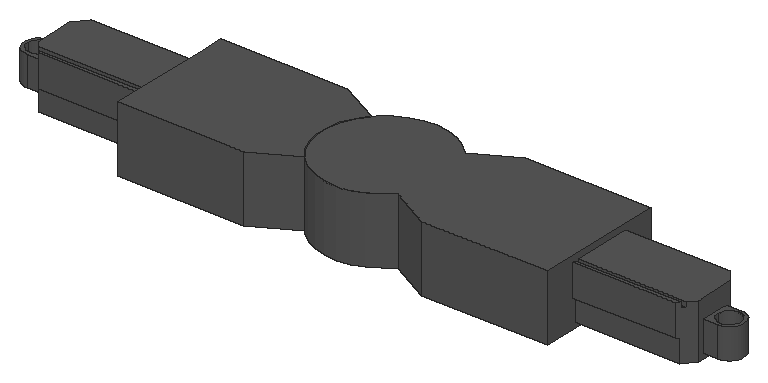
Revit family "Lighting_Other_Nordlux_Link_Connect-Turnable", category Lighting Fixtures, host Face, Revit 2017
Family settings
  Host = Face
  Round Connector Dimension = Use Diameter
  Part Type = Normal
  OmniClass Number = 23.80.70.11.14.21
  OmniClass Title = Spots and Tracklight Specialties
  Cut with Voids When Loaded = No
  Light Source = No
  Shared = No
  Room Calculation Point = No
Parameters (values of type "Link Connect Turnable - black")
  WarrantyStartDate [instance] = "n/a"
  WarrantyGuarantorParts = "n/a"
  WarrantyGuarantorLabor = "n/a"
  WarrantyDurationUnit = "Year"
  WarrantyDurationParts = "n/a"
  WarrantyDurationLabor = "n/a"
  WarrantyDescription = "n/a"
  VersionDate = "29/08/2019"  # constant formula
  Version = "1"  # constant formula
  UsageCurrent = 0 A
  Uniclass2015Reference = "Pr_70_70_48_47"
  Uniclass2015Description = "Lighting tracks"
  Uniclass2 = "Pr_70_70_49_44"
  URL = "https://www.nordlux.com/products/product/79029903"
  Type Comments = ""
  TotalWattage = 0 W
  TagNumber [instance] = "n/a"
  SustainabilityPerformance = "n/a"
  Size = "195x35x18 mm"
  Shape = "Rectangular"
  SerialNumber [instance] = "n/a"
  Revision = "n/a"
  ReplacementCost = "n/a"
  RailMainMaterial = Black
  ProductInformation = "Rotating power adapter for interconnection between two rails. Adjustable rotation from 70 to 290 degrees."
  Product data url = "https://www.bimobject.com/nordlux/product/link_turnable_connect"
  PhaseReference = "n/a"
  PhaseAngle = 0.00°
  NumberOfSources = 0
  NumberOfPoles = 1
  NominalWidth = 195.6 mm
  NominalVoltage = 230 V
  NominalHeight = 18 mm
  NominalFrequencyRange = 0 Hz
  NominalDepth = 35 mm
  NominalCurrent = 0 A
  Name = "Nordlux_Link_Connect-Turnable"
  NBSReference = "90-60-50-430"
  NBSDescription = "Lighting tracks"
  ModelReference = "n/a"
  ModelNumber = "79029903"
  Model = "Link Connect Turnable - black"
  Material = "Plastic"
  ManufacturersSpecificInformation = "n/a"
  ManufacturerURL = "https://www.nordlux.com/"
  ManufacturerName = "Nordlux"
  Manufacturer = "Nordlux"
  MaintenanceFactor = 0
  LightFixturePlacingType = "Ceiling"
  LightFixtureMountingType = "Surface"
  InsulationStandardClass = "Class 1 (Earth contact)"
  InstallationDate [instance] = "n/a"
  IfcExportType = "NOTDEFINED"  # constant formula
  IfcExportAs = "IfcLightFixtureType"  # constant formula
  IP_Code = "IP20"
  HasProtectiveEarth = no
  Grade = "n/a"
  Finish = "n/a"
  Features = "Allows rotation from 70 to 290 degrees"
  ExpectedLife = "n/a"
  ElectricalDeviceNominalPower = 0 VA
  EAN Number = "5701581357181"
  DurationUnit = "Year"
  Description = "Rotating power adapter for interconnection between two rails. Adjustable rotation from 70 to 290 degrees."
  Default Elevation = 0 mm
  ConvergoRefNr = "0143-1909-0033-DK"
  Constituents = "n/a"
  Color = "Black"
  CodePerformance = "n/a"
  Category = "Power strip"
  Brand = "Nordlux"
  Barcode [instance] = "n/a"
  BIMObjectName = "Lighting_Other_Nordlux_Link_Connect-Turnable"
  Author = "Convergo AB"  # constant formula
  AssetType = "Fixed"
  AssetIdentifier [instance] = "n/a"
  Assembly Code = ""
  ArticleNumber = "79029903"
  AngleControl [instance] = if(Angle > 96.00°, 96.00°, Angle)  # 0.00°
  Angle [instance] = 0.00°
  AccessibilityPerformance = "n/a"
Types (3, lengths in mm): name | URL | RailMainMaterial | ModelNumber | Model | EAN Number | ArticleNumber
  (no name) | "https://www.nordlux.com/products/product/79029903" | Black | "79029903" | "Link Connect Turnable - black" | "5701581357181" | "79029903"
  Link Connect Turnable - black | "https://www.nordlux.com/products/product/79029903" | Black | "79029903" | "Link Connect Turnable - black" | "5701581357181" | "79029903"
  Link Connect Turnable - white | "https://www.nordlux.com/products/product/79029901" | White | "79029901" | "Link Connect Turnable - white" | "5701581357082" | "79029901"
Reference planes
  plane 1 "Center (Front/Back)": y = 0
  plane 2: z = 0
  plane 3 "Center (Left/Right)": x = 0
  plane 4: x = -97.8
  plane 5: x = 97.8
  plane 6: y = 17.5
  plane 7: y = -17.5
  plane 8: z = 18
Dimensions and locks
  equal spacing: plane 4, plane 3 "Center (Left/Right)", plane 5
  "NominalWidth": plane 4 to plane 5
  equal spacing: plane 6, plane 1 "Center (Front/Back)", plane 7
  "NominalDepth": plane 6 to plane 7
  "NominalHeight": plane 8 to level
  aligned and locked: plane 2 to host face
  aligned and locked: level to host face
Automatic sketch dimensions
  host sketch curve to host sketch curve = 2438.4 mm  (x2)
Nested families
  nested 1: "Connect Turnable" at (0, 0, 0), Material <- "RailMainMaterial", Angle <- "AngleControl", type "Connect Turnable"
    with notPartVisibility no, PartVisibility yes, Material Black, Angle 0.00°
Definition of nested family "Connect Turnable"
  Parameters (values of type "Connect Turnable")
    notPartVisibility [instance] = not(PartVisibility)  # yes
    PartVisibility [instance] = Angle < 0.10°  # no
    Material [instance] = none
    Angle [instance] = 15.00°
  Reference planes
    plane 1 "Center (Front/Back)": y = 0
    plane 2: z = 0
    plane 3 "Center (Left/Right)": x = 0
    plane 4: x = -97.792
    plane 5: x = 97.792
    plane 6: z = 18
    plane 7: y = 17.5
    plane 8: y = -17.5
  Forms (mm)
    Extrusion 1, solid, material <- "Material", detail levels medium+fine
      sketch origin (0, 0, 0) x (1, 0, 0) y (0, 1, 0)
        loop
          line (-24.121, 17.5) -> (-58.421, 17.5) -> (-58.421, 10.497) -> (-58.421, -7.997) -> (-58.421, -17.5) -> (-24.126, -17.5) -> (-12.707, -11.293)
          arc (-12.707, -11.293) -> (-17, 0) -> (-12.707, 11.293) r 17
          line (-12.707, 11.293) -> (-24.121, 17.5)
      from 0 to 18
    Extrusion 2, solid, material <- "Material", detail levels medium+fine
      sketch origin (0, -1.3, 0) x (1, 0, 0) y (0, 1, 0)
        loop
          line (-86.461, 10.5) -> (-89.694, 6.647) -> (-89.695, -4.146) -> (-86.461, -8) -> (-58.421, -7.997) -> (-58.421, 10.497) -> (-86.461, 10.5)
      from 1.528 to 16.5
    Extrusion 3, solid, material <- "Material", detail levels medium+fine
      sketch origin (0, -1.3, 0) x (1, 0, 0) y (0, 1, 0)
        loop
          line (-89.694, 5.25) -> (-93.792, 5.25)
          arc (-93.792, 5.25) -> (-97.792, 1.251) -> (-93.793, -2.75) r 4
          line (-93.793, -2.75) -> (-89.694, -2.75) -> (-89.694, 5.25)
        loop
          circle (-93.784, 1.251) r 3.132
      from 3.145 to 11.286
    Extrusion 4, solid, material <- "Material", detail levels coarse
      sketch origin (0, 0, 0) x (1, 0, 0) y (0, 1, 0)
        loop
          line (-97.792, 17.5) -> (-97.792, -17.5) -> (-0.126, -17.5) -> (-0.126, 17.5) -> (-97.792, 17.5)
      from 0 to 18
    Extrusion 5, void
      sketch origin (0, 0, 0) x (0, 1, 0) y (0, 0, 1)
        loop
          line (8.8, 17) -> (8.451, 13) -> (9.863, 13) -> (9.863, 17) -> (8.8, 17)
        loop
          line (-7.344, 15.034) -> (-7.344, 17.016) -> (-8.399, 17.016) -> (-8.399, 15.034) -> (-7.344, 15.034)
        loop
          line (-8.483, 0.82) -> (-8.484, 7.78) -> (-9.957, 7.78) -> (-9.957, 0.82) -> (-8.483, 0.82)
        loop
          line (6.691, 0.997) -> (6.691, 3.001) -> (5.691, 3.001) -> (5.691, 0.997) -> (6.691, 0.997)
      from -122.051 to 5.256
  Cuts and joins
    Extrusion 5 cuts Extrusion 2
  Lines and regions (mm)
    symbolic lines, detail levels medium+fine
      curve 1: line (-24.121, 17.5, 0) -> (-58.421, 17.5, 0)
      curve 2: line (-58.421, 17.5, 0) -> (-58.421, 7.144, 0)
      curve 3: line (-58.421, -17.5, 0) -> (-24.126, -17.5, 0)
      curve 4: line (-24.121, 17.5, 0) -> (-12.707, 11.293, 0)
      curve 5: line (-24.126, -17.5, 0) -> (-12.707, -11.293, 0)
      curve 6: line (-88.186, 7.144, 0) -> (-89.694, 5.347, 0)
      curve 8: line (-89.694, 3.95, 0) -> (-93.792, 3.95, 0)
      curve 9: arc (-93.792, 3.95, 0) -> (-97.792, -0.049, 0) -> (-93.793, -4.05, 0) r 4
      curve 10: line (-93.793, -4.05, 0) -> (-89.695, -4.05, 0)
      curve 12: line (-88.102, -7.344, 0) -> (-89.695, -5.446, 0)
      curve 13: line (-89.695, -4.05, 0) -> (-89.695, -5.446, 0)
      curve 14: line (-89.694, 3.95, 0) -> (-89.694, 5.347, 0)
      curve 16: line (-58.421, -7.344, 0) -> (-58.421, -17.5, 0)
      curve 17: line (-58.421, 0, 18) -> (-12.707, 0, 18)
      curve 18: line (-58.421, 0, 0) -> (-58.421, 0, 18)
      curve 19: line (-12.707, 0, 0) -> (-58.421, 0, 0)
      curve 20: line (-12.707, 0, 18) -> (-12.707, 0, 0)
      curve 21: line (-58.421, 7.144, 0) -> (-88.186, 7.144, 0)
      curve 22: line (-58.421, -7.344, 0) -> (-88.102, -7.344, 0)
    symbolic lines, detail levels fine
      curve 7: line (-89.694, 3.95, 0) -> (-89.695, -4.05, 0)
      curve 11: circle (-93.784, -0.049, 0) r 3.132 normal (0, 0, -1)
      curve 15: line (-58.421, 7.144, 0) -> (-58.421, -7.344, 0)
  Dimensions and locks
    "Angle": angle plane 1 "Center (Front/Back)" to nested 1
    aligned and locked: level to plane 2
  Automatic sketch dimensions
    Extrusion 1 sketch curve to plane 3 "Center (Left/Right)" = 24.121 mm
    Extrusion 1 sketch curve to plane 1 "Center (Front/Back)" = 17.5 mm
    Extrusion 1 sketch curve to Extrusion 1 sketch curve = 34.3 mm
    Extrusion 1 sketch curve to Extrusion 1 sketch curve = 11.414 mm
    Extrusion 1 sketch curve to Extrusion 1 sketch curve = 7.003 mm
    plane 1 "Center (Front/Back)" to Extrusion 1 sketch curve = 7.997 mm
    Extrusion 1 sketch curve to Extrusion 1 sketch curve = 9.503 mm
    Extrusion 1 sketch curve to Extrusion 1 sketch curve = 11.419 mm
    Extrusion 1 sketch curve to plane 3 "Center (Left/Right)" = 0 mm
    plane 1 "Center (Front/Back)" to Extrusion 1 sketch curve = 11.293 mm
    Extrusion 1 sketch curve to plane 1 "Center (Front/Back)" = 11.293 mm
    plane 1 "Center (Front/Back)" to Extrusion 1 sketch curve = 0 mm
    plane 1 "Center (Front/Back)" to Extrusion 2 sketch curve = 5.446 mm
    Extrusion 2 sketch curve to plane 3 "Center (Left/Right)" = 89.695 mm
    Extrusion 2 sketch curve to plane 1 "Center (Front/Back)" = 5.347 mm
    Extrusion 2 sketch curve to Extrusion 2 sketch curve = 0.001 mm
    plane 1 "Center (Front/Back)" to Extrusion 2 sketch curve = 9.3 mm
    Extrusion 2 sketch curve to Extrusion 2 sketch curve = 3.233 mm
    Extrusion 2 sketch curve to plane 1 "Center (Front/Back)" = 9.2 mm
    Extrusion 2 sketch curve to Extrusion 2 sketch curve = 3.232 mm
    Extrusion 2 sketch curve to plane 1 "Center (Front/Back)" = 9.197 mm
    Extrusion 2 sketch curve to Extrusion 2 sketch curve = 28.04 mm
    plane 1 "Center (Front/Back)" to Extrusion 2 sketch curve = 9.297 mm
    plane 1 "Center (Front/Back)" to Extrusion 3 sketch curve = 4.05 mm  (x2)
    Extrusion 3 sketch curve to plane 3 "Center (Left/Right)" = 93.793 mm
    plane 1 "Center (Front/Back)" to Extrusion 3 sketch curve = 0.05 mm
    Extrusion 3 sketch curve to Extrusion 3 sketch curve = 0 mm
    Extrusion 3 sketch curve to Extrusion 3 sketch curve = 4.099 mm
    Extrusion 3 sketch curve to plane 1 "Center (Front/Back)" = 3.95 mm
    Extrusion 3 sketch curve to Extrusion 3 sketch curve = 4.098 mm
    curve 19 to level = 0 mm
    curve 19 to plane 3 "Center (Left/Right)" = 58.421 mm
    curve 19 to plane 3 "Center (Left/Right)" = 12.707 mm
    level to curve 18 = 18 mm
    Extrusion 4 sketch curve to plane 4 = 0 mm
    plane 5 to Extrusion 4 sketch curve = 97.918 mm
    Extrusion 4 sketch curve to plane 1 "Center (Front/Back)" = 17.5 mm
    plane 1 "Center (Front/Back)" to Extrusion 4 sketch curve = 17.5 mm
    curve 2 to plane 7 = 0 mm
    plane 8 to curve 16 = 0 mm
    plane 4 to curve 10 = 4 mm
    plane 1 "Center (Front/Back)" to curve 9 = 0.05 mm
    plane 4 to curve 9 = 4 mm
    curve 9 to curve 8 = 0 mm
    curve 9 to curve 11 = 0.009 mm
    curve 9 to curve 13 = 4.098 mm
    curve 12 to curve 10 = 0 mm
    curve 8 to curve 6 = 4.098 mm
    curve 6 to curve 6 = 1.507 mm
    curve 12 to curve 16 = 29.681 mm
    curve 5 to plane 3 "Center (Left/Right)" = 24.126 mm
    curve 4 to plane 3 "Center (Left/Right)" = 24.121 mm
    curve 12 to curve 12 = 1.898 mm
    curve 12 to curve 7 = 1.396 mm
    curve 10 to curve 9 = 4 mm
    curve 9 to curve 11 = 0 mm
    curve 7 to plane 1 "Center (Front/Back)" = 3.95 mm
    curve 7 to curve 6 = 1.397 mm
    curve 6 to curve 21 = 1.797 mm
    curve 12 to curve 22 = 1.593 mm
    curve 5 to plane 8 = 6.207 mm
    curve 5 to plane 3 "Center (Left/Right)" = 12.707 mm
    curve 4 to plane 7 = 6.207 mm
    curve 4 to plane 3 "Center (Left/Right)" = 12.707 mm
    plane 1 "Center (Front/Back)" to curve 22 = 7.344 mm
    level to Extrusion 5 sketch curve = 0.82 mm
    Extrusion 5 sketch curve to plane 8 = 7.543 mm
    Extrusion 5 sketch curve to Extrusion 5 sketch curve = 1.473 mm
    Extrusion 5 sketch curve to Extrusion 5 sketch curve = 1.474 mm
    Extrusion 5 sketch curve to plane 6 = 2.966 mm
    Extrusion 5 sketch curve to Extrusion 5 sketch curve = 0.084 mm
    Extrusion 5 sketch curve to plane 6 = 0.984 mm
    Extrusion 5 sketch curve to Extrusion 5 sketch curve = 1.055 mm  (x2)
    Extrusion 5 sketch curve to plane 1 "Center (Front/Back)" = 5.691 mm
    Extrusion 5 sketch curve to Extrusion 5 sketch curve = 1 mm  (x2)
    Extrusion 5 sketch curve to plane 1 "Center (Front/Back)" = 8.451 mm
    Extrusion 5 sketch curve to plane 6 = 1 mm
    Extrusion 5 sketch curve to Extrusion 5 sketch curve = 0.35 mm
    Extrusion 5 sketch curve to Extrusion 5 sketch curve = 1.412 mm
    level to Extrusion 5 sketch curve = 3.001 mm
    Extrusion 5 sketch curve to Extrusion 5 sketch curve = 6.96 mm
    Extrusion 5 sketch curve to Extrusion 5 sketch curve = 4 mm
    level to Extrusion 5 sketch curve = 0.997 mm
    radius of curve 11 = 3.132 mm
  Nested families
    nested 1: "Connect Turnable part" at (0, 0, 0) x (0.9659, 0.2588, 0) z (0, 0, 1), visible <- "notPartVisibility", Material <- "Material", type "Connect Turnable part"
      with Material none, built-in parameter 1001306 0.54336 (stored number, unit not read)
    nested 2: "Connect Turnable part" at (0, 0, 0), visible <- "PartVisibility", Material <- "Material", type "Connect Turnable part"
      with Material none, built-in parameter 1001306 0.54336 (stored number, unit not read)
  Definition of nested family "Connect Turnable part"
    Parameters (values of type "Connect Turnable part")
      Material [instance] = none
      built-in parameter 1001306 [instance] = 1200 mm
    Reference planes
      plane 1 "Center (Front/Back)": y = 0
      plane 2: z = 0
      plane 3 "Left": x = 0
      plane 4 "Right": x = 1200
    Forms (mm)
      Extrusion 1, solid, material <- "Material", detail levels medium+fine
        sketch origin (0, 0, 0) x (1, 0, 0) y (0, 1, 0)
          loop
            circle (0, 0) r 17
        from 0 to 18
      Extrusion 2, solid, material <- "Material", detail levels medium+fine
        sketch origin (0, 0, 0) x (1, 0, 0) y (0, 1, 0)
          loop
            line (24.146, 17.5) -> (12.696, 11.306) -> (12.696, -11.308) -> (24.147, -17.5) -> (58.386, -17.5) -> (58.383, 17.5) -> (24.146, 17.5)
        from 0 to 18
      Extrusion 3, solid, material <- "Material", detail levels medium+fine
        sketch origin (0, -1.3, 0) x (1, 0, 0) y (0, 1, 0)
          loop
            line (89.694, 6.647) -> (86.464, 10.497) -> (58.383, 10.497) -> (58.383, -7.897) -> (86.464, -7.897) -> (89.695, -4.146) -> (89.694, 6.647)
        from 1.528 to 16.5
      Extrusion 4, solid, material <- "Material", detail levels medium+fine
        sketch origin (0, -1.3, 0) x (1, 0, 0) y (0, 1, 0)
          loop
            line (89.694, 5.25) -> (89.694, -2.75) -> (93.793, -2.75)
            arc (93.793, -2.75) -> (97.792, 1.251) -> (93.792, 5.25) r 4
            line (93.792, 5.25) -> (89.694, 5.25)
          loop
            circle (93.784, 1.251) r 3.132
        from 3.145 to 11.286
      Extrusion 5, void
        sketch origin (0, 0, 0) x (0, 1, 0) y (0, 0, 1)
          loop
            line (-7.344, 15.034) -> (-7.344, 16.585) -> (-8.399, 16.585) -> (-8.399, 15.034) -> (-7.344, 15.034)
          loop
            line (6.691, 1.001) -> (6.691, 3.001) -> (5.691, 3.001) -> (5.691, 1.001) -> (6.691, 1.001)
          loop
            line (-8.483, 1.001) -> (-8.484, 7.78) -> (-9.849, 7.78) -> (-9.849, 1.001) -> (-8.483, 1.001)
          loop
            line (8.8, 17) -> (8.451, 13) -> (9.951, 13) -> (9.95, 17) -> (8.8, 17)
        from 0 to 118.943
      Extrusion 6, solid, material <- "Material", detail levels coarse
        sketch origin (0, 0, 0) x (1, 0, 0) y (0, 1, 0)
          loop
            line (96.916, 17.5) -> (0.383, 17.5)
            arc (0.383, 17.5) -> (-17.117, 0) -> (0.383, -17.5) r 17.5
            line (0.383, -17.5) -> (96.916, -17.5) -> (96.916, 17.5)
        from 0 to 18
    Cuts and joins
      Extrusion 5 cuts Extrusion 3
      joined: Extrusion 1, Extrusion 2, Extrusion 3, Extrusion 4
    Lines and regions (mm)
      reference lines
        curve 1: line (0, 0, 0) -> (1200, 0, 0)
      symbolic lines, detail levels medium+fine
        curve 2: arc (12.696, 11.306, 0) -> (-17, 0.001, 0) -> (12.694, -11.307, 0) r 17
        curve 3: line (24.146, 17.5, 0) -> (12.696, 11.306, 0)
        curve 4: line (12.694, -11.307, 0) -> (24.147, -17.5, 0)
        curve 5: line (58.386, -17.5, 0) -> (58.385, -7.344, 0)
        curve 6: line (58.384, 7.144, 0) -> (58.382, 17.5, 0)
        curve 8: line (58.386, -17.5, 0) -> (24.147, -17.5, 0)
        curve 9: line (24.146, 17.5, 0) -> (58.382, 17.5, 0)
        curve 10: line (88.186, 7.144, 0) -> (58.384, 7.144, 0)
        curve 11: line (58.385, -7.344, 0) -> (88.059, -7.344, 0)
        curve 12: line (88.059, -7.344, 0) -> (89.695, -5.446, 0)
        curve 13: line (89.694, 5.347, 0) -> (88.186, 7.144, 0)
        curve 14: line (93.792, 3.95, 0) -> (89.694, 3.95, 0)
        curve 15: arc (93.793, -4.05, 0) -> (97.792, -0.049, 0) -> (93.792, 3.95, 0) r 4
        curve 16: line (89.695, -4.05, 0) -> (93.793, -4.05, 0)
        curve 19: line (89.695, -5.446, 0) -> (89.695, -4.05, 0)
        curve 20: line (89.694, 3.95, 0) -> (89.694, 5.347, 0)
      symbolic lines, detail levels fine
        curve 7: line (58.385, -7.344, 0) -> (58.384, 7.144, 0)
        curve 17: arc (96.916, -0.049, 0) -> (93.784, -3.181, 0) -> (90.652, -0.049, 0) r 3.132
        curve 18: arc (90.652, -0.049, 0) -> (93.784, 3.083, 0) -> (96.916, -0.049, 0) r 3.132
        curve 21: line (89.695, -4.05, 0) -> (89.694, 3.95, 0)
    Dimensions and locks
      "built-in parameter 1001306": plane 3 "Left" to plane 4 "Right"
      aligned and locked: plane 4 "Right" to curve 1
      aligned and locked: plane 1 "Center (Front/Back)" to curve 1
      aligned and locked: plane 3 "Left" to curve 1
      aligned and locked: level to plane 2
    Automatic sketch dimensions
      plane 3 "Left" to Extrusion 2 sketch curve = 24.146 mm
      plane 3 "Left" to Extrusion 2 sketch curve = 24.147 mm
      Extrusion 2 sketch curve to plane 1 "Center (Front/Back)" = 17.5 mm  (x2)
      Extrusion 2 sketch curve to Extrusion 2 sketch curve = 34.236 mm
      plane 1 "Center (Front/Back)" to Extrusion 2 sketch curve = 17.5 mm  (x2)
      Extrusion 2 sketch curve to Extrusion 2 sketch curve = 0.004 mm
      Extrusion 2 sketch curve to Extrusion 2 sketch curve = 11.452 mm
      plane 1 "Center (Front/Back)" to Extrusion 2 sketch curve = 11.308 mm
      Extrusion 2 sketch curve to plane 1 "Center (Front/Back)" = 11.306 mm
      plane 1 "Center (Front/Back)" to Extrusion 4 sketch curve = 0.049 mm
      plane 3 "Left" to Extrusion 4 sketch curve = 93.784 mm
      Extrusion 4 sketch curve to plane 1 "Center (Front/Back)" = 3.95 mm  (x2)
      Extrusion 4 sketch curve to Extrusion 4 sketch curve = 0.008 mm
      Extrusion 4 sketch curve to Extrusion 4 sketch curve = 0.009 mm
      plane 1 "Center (Front/Back)" to Extrusion 4 sketch curve = 4.05 mm  (x2)
      Extrusion 4 sketch curve to Extrusion 4 sketch curve = 0 mm
      Extrusion 4 sketch curve to Extrusion 4 sketch curve = 4.099 mm
      plane 1 "Center (Front/Back)" to curve 2 = 0 mm
      curve 2 to plane 3 "Left" = 0 mm
      plane 3 "Left" to curve 4 = 12.694 mm
      plane 3 "Left" to curve 3 = 12.696 mm
      curve 3 to curve 6 = 34.236 mm
      curve 6 to plane 1 "Center (Front/Back)" = 7.144 mm
      plane 1 "Center (Front/Back)" to curve 5 = 7.344 mm
      curve 3 to curve 3 = 6.194 mm
      curve 3 to curve 3 = 11.451 mm
      curve 6 to curve 6 = 0.001 mm
      curve 4 to curve 4 = 11.453 mm
      curve 5 to curve 5 = 0.001 mm
      curve 4 to curve 4 = 6.193 mm
      curve 6 to curve 5 = 0.001 mm
      Extrusion 3 sketch curve to plane 1 "Center (Front/Back)" = 9.197 mm
      plane 3 "Left" to Extrusion 3 sketch curve = 58.383 mm
      Extrusion 3 sketch curve to Extrusion 3 sketch curve = 28.08 mm
      Extrusion 3 sketch curve to plane 1 "Center (Front/Back)" = 5.347 mm
      Extrusion 3 sketch curve to Extrusion 3 sketch curve = 3.23 mm  (x2)
      plane 1 "Center (Front/Back)" to Extrusion 3 sketch curve = 9.197 mm
      plane 1 "Center (Front/Back)" to Extrusion 3 sketch curve = 5.446 mm
      Extrusion 3 sketch curve to Extrusion 3 sketch curve = 3.231 mm
      plane 1 "Center (Front/Back)" to curve 4 = 11.307 mm
      curve 14 to plane 1 "Center (Front/Back)" = 3.95 mm  (x2)
      curve 14 to curve 14 = 4.098 mm
      plane 1 "Center (Front/Back)" to curve 15 = 0.05 mm
      curve 15 to curve 15 = 0 mm  (x2)
      curve 17 to curve 15 = 0.009 mm
      curve 15 to curve 17 = 0 mm
      curve 18 to curve 17 = 3.132 mm
      curve 6 to curve 10 = 29.803 mm
      curve 12 to curve 10 = 0.127 mm
      curve 13 to curve 14 = 0 mm
      curve 14 to curve 13 = 1.397 mm
      plane 1 "Center (Front/Back)" to curve 16 = 4.05 mm
      curve 11 to curve 16 = 1.635 mm
      curve 16 to curve 12 = 0 mm
      curve 16 to curve 18 = 4.089 mm
      curve 19 to curve 16 = 1.396 mm
      plane 1 "Center (Front/Back)" to Extrusion 5 sketch curve = 9.849 mm
      Extrusion 5 sketch curve to Extrusion 5 sketch curve = 1.365 mm
      Extrusion 5 sketch curve to Extrusion 5 sketch curve = 1.366 mm
      Extrusion 5 sketch curve to Extrusion 5 sketch curve = 0.084 mm
      Extrusion 5 sketch curve to Extrusion 5 sketch curve = 1.055 mm  (x2)
      Extrusion 5 sketch curve to Extrusion 5 sketch curve = 14.175 mm
      Extrusion 5 sketch curve to Extrusion 5 sketch curve = 1 mm  (x2)
      Extrusion 5 sketch curve to Extrusion 5 sketch curve = 1.76 mm
      Extrusion 5 sketch curve to Extrusion 5 sketch curve = 0.35 mm
      Extrusion 5 sketch curve to Extrusion 5 sketch curve = 1.15 mm
      Extrusion 5 sketch curve to Extrusion 5 sketch curve = 1.5 mm
      level to Extrusion 5 sketch curve = 1.001 mm
      Extrusion 5 sketch curve to Extrusion 5 sketch curve = 0 mm  (x2)
      Extrusion 5 sketch curve to Extrusion 5 sketch curve = 2 mm
      Extrusion 5 sketch curve to Extrusion 5 sketch curve = 6.779 mm
      Extrusion 5 sketch curve to Extrusion 5 sketch curve = 9.999 mm
      Extrusion 5 sketch curve to Extrusion 5 sketch curve = 7.254 mm
      Extrusion 5 sketch curve to Extrusion 5 sketch curve = 1.55 mm
      Extrusion 5 sketch curve to Extrusion 5 sketch curve = 4 mm
      plane 1 "Center (Front/Back)" to Extrusion 6 sketch curve = 0 mm
      plane 3 "Left" to Extrusion 6 sketch curve = 0.383 mm
      Extrusion 6 sketch curve to plane 1 "Center (Front/Back)" = 17.5 mm
      Extrusion 6 sketch curve to Extrusion 6 sketch curve = 96.532 mm
      radius of Extrusion 4 sketch curve = 3.132 mm
